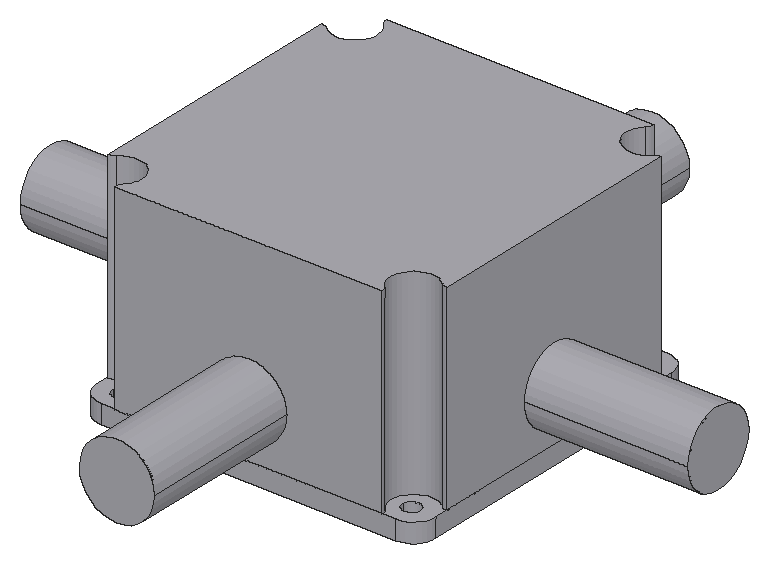
Revit family "Коробка соединительная", category Электрооборудование, Revit 2019
Family settings
  Конфигурация панели = Два столбца, слева направо
  Размер круглого соединителя = Использовать диаметр
  Тип детали = Щит
  Номер OmniClass = 23.85.50.17
  Заголовок OmniClass = Communication and Data Processing Equipment
  На основе рабочей плоскости = Нет
  Всегда вертикально = Да
  При загрузке вырезать с полостями = Нет
  Общий = Нет
  Точка расчета площади = Нет
Parameters (values of type "МКС «МОРОЗ» с вводами")
  Цвет = Металл
  Смещение УГО по горизонтали [instance] = if((2000 mm - Сдвиг УГО по горизонтали) < 0 mm, 0 mm, 2000 mm - Сдвиг УГО по горизонтали)  # 2000 mm
  Смещение УГО по вертикали [instance] = if((2000 mm - Сдвиг УГО по вертикали) < 0 mm, 0 mm, 2000 mm - Сдвиг УГО по вертикали)  # 2000 mm
  Северленд = no
  Сдвиг УГО по горизонтали [instance] = 0 mm
  Сдвиг УГО по вертикали [instance] = 0 mm
  С выводами = yes
  Описание = "МКС «МОРОЗ» IP66/IP68 с 2-мя пластиковыми вводами, корпус из алюминиевого сплава"
  Мороз = not(Северленд)  # yes
  Изготовитель = [ADSK_Завод-изготовитель]  # "НПП «МАГНИТО-КОНТАКТ»"
  URL = "https://m-kontakt.ru/produkt/kommutacyonnye/mks_moroz"
  ADSK_Наименование = "МКС «МОРОЗ» IP66/IP68 с пластиковыми вводами"
  ADSK_Масса = 0.49
  ADSK_Код изделия = "00-00005377"
  ADSK_Завод-изготовитель = "НПП «МАГНИТО-КОНТАКТ»"  # constant formula
  ADSK_Единица измерения = "шт."  # constant formula
Types (4, lengths in mm): name | Северленд | С выводами | Описание | Мороз | URL | ADSK_Наименование | ADSK_Масса | ADSK_Код изделия
  МКС «МОРОЗ» глухая | no | no | "МКС «МОРОЗ» IP66/IP68 \"глухая\", корпус из алюминиевого сплава." | yes | "https://m-kontakt.ru/produkt/kommutacyonnye/mks_moroz" | "МКС «МОРОЗ»" | 0.47 | "00-00005375"
  МКС «МОРОЗ» с вводами | no | yes | "МКС «МОРОЗ» IP66/IP68 с 2-мя пластиковыми вводами, корпус из алюминиевого сплава" | yes | "https://m-kontakt.ru/produkt/kommutacyonnye/mks_moroz" | "МКС «МОРОЗ» IP66/IP68 с пластиковыми вводами" | 0.49 | "00-00005377"
  Ех коробка металлическая «СЕВЕРЛЕНД» с резьбой | yes | no | "Маркировка взрывозащиты  1Ех db IIC T6...T3 Gb.   Корпус из алюминиевого сплава,С резьбой под 4 кабельных ввода ." | no | "https://m-kontakt.ru/produkt/kommutacyonnye/ex_box_metal" | "Ех коробка металлическая «СЕВЕРЛЕНД» с резьбой" | 1.26 | "00-00003797"
  Ех коробка металлическая «СЕВЕРЛЕНД» с вводами | yes | yes | "Маркировка взрывозащиты 1Ех db IIC T6...T3 Gb.  Корпус из алюминиевого сплава, с 4 кабельными вводами." | no | "https://m-kontakt.ru/produkt/kommutacyonnye/ex_box_metal" | "Ех коробка металлическая «СЕВЕРЛЕНД» с вводами" | 1.86 | "00-00005744"
Reference planes
  plane 1 "По центру (Вперед/Назад)": y = 0
  plane 2: z = 0
  plane 3 "По центру (Влево/Вправо)": x = 0
  plane 4: x = 2000
  plane 5: y = 2000
  plane 6: y = 0
  plane 7: x = 0
Forms (mm)
  Extrusion 1, solid, material "Металл" <- "Цвет", visible <- "Северленд", detail levels medium+fine
    sketch origin (132.009, 67.538, 2) x (1, 0, 0) y (0, 1, 0)
      loop
        arc (-156.512, -9.498) -> (-176.556, -22.99) -> (-190.048, -43.035) r 63
        line (-190.048, -43.035) -> (-190.048, -92.041)
        arc (-190.048, -92.041) -> (-176.556, -112.086) -> (-156.512, -125.578) r 63
        line (-156.512, -125.578) -> (-107.506, -125.578)
        arc (-107.506, -125.578) -> (-87.461, -112.086) -> (-73.969, -92.041) r 63
        line (-73.969, -92.041) -> (-73.969, -43.035)
        arc (-73.969, -43.035) -> (-87.461, -22.99) -> (-107.506, -9.498) r 63
        line (-107.506, -9.498) -> (-156.512, -9.498)
    from 0 to 85
  Extrusion 2, solid, material "Металл" <- "Цвет", visible <- "Северленд", detail levels medium+fine
    sketch origin (0, 12.718, 1219.2) x (0, -1, 0) y (0, 0, -1)
      loop
        line (32.718, 1194.7) -> (32.718, 1217.2) -> (-7.282, 1217.2) -> (-7.282, 1194.7)
        arc (-7.282, 1194.7) -> (12.718, 1174.7) -> (32.718, 1194.7) r 20
    from 58.04 to 70
  Extrusion 3, solid, material "Металл" <- "Цвет", visible <- "Мороз", detail levels medium+fine
    sketch origin (0.311, 0.12, 0) x (1, 0, 0) y (0, 1, 0)
      loop
        arc (38.689, -45.12) -> (42.932, -43.363) -> (44.689, -39.12) r 6
        line (44.689, -39.12) -> (44.689, 38.88)
        arc (44.689, 38.88) -> (42.932, 43.123) -> (38.689, 44.88) r 6
        line (38.689, 44.88) -> (-39.311, 44.88)
        arc (-39.311, 44.88) -> (-43.553, 43.123) -> (-45.311, 38.88) r 6
        line (-45.311, 38.88) -> (-45.311, -39.12)
        arc (-45.311, -39.12) -> (-43.553, -43.363) -> (-39.311, -45.12) r 6
        line (-39.311, -45.12) -> (38.689, -45.12)
    from 2 to 7
  Extrusion 4, solid, material "Металл" <- "Цвет", visible <- "Мороз", detail levels medium+fine
    sketch origin (0.311, 0.12, 0) x (1, 0, 0) y (0, 1, 0)
      loop
        arc (35.134, -45.12) -> (34.937, -44.13) -> (34.377, -43.292) r 2.586
        arc (34.377, -43.292) -> (34.468, -34.856) -> (42.904, -34.849) r 6
        arc (42.904, -34.849) -> (43.728, -35.379) -> (44.689, -35.565) r 2.586
        line (44.689, -35.565) -> (44.689, 35.325)
        arc (44.689, 35.325) -> (43.728, 35.14) -> (42.904, 34.61) r 2.586
        arc (42.904, 34.61) -> (34.468, 34.616) -> (34.377, 43.052) r 6
        arc (34.377, 43.052) -> (34.937, 43.891) -> (35.134, 44.88) r 2.586
        line (35.134, 44.88) -> (-35.756, 44.88)
        arc (-35.756, 44.88) -> (-35.559, 43.891) -> (-34.998, 43.052) r 2.586
        arc (-34.998, 43.052) -> (-35.089, 34.616) -> (-43.504, 34.589) r 6
        arc (-43.504, 34.589) -> (-44.335, 35.134) -> (-45.311, 35.325) r 2.586
        line (-45.311, 35.325) -> (-45.311, -35.565)
        arc (-45.311, -35.565) -> (-44.349, -35.379) -> (-43.525, -34.849) r 2.586
        arc (-43.525, -34.849) -> (-35.089, -34.856) -> (-34.998, -43.292) r 6
        arc (-34.998, -43.292) -> (-35.559, -44.13) -> (-35.756, -45.12) r 2.586
        line (-35.756, -45.12) -> (35.134, -45.12)
    from 7 to 60
  Extrusion 5, void
    sketch origin (0, 0, 2) x (1, 0, 0) y (0, 1, 0)
      loop
        circle (38.495, 38.997) r 2.399
      loop
        circle (-38.495, 38.997) r 2.399
      loop
        circle (-38.495, -38.997) r 2.399
      loop
        circle (38.495, -38.997) r 2.399
    from 5 to -2
  Extrusion 6, solid, material "Металл" <- "Цвет", visible <- "Северленд", detail levels medium+fine
    sketch origin (0, 12.718, 1219.2) x (0, -1, 0) y (0, 0, 1)
      loop
        arc (32.718, -1194.7) -> (12.718, -1174.7) -> (-7.282, -1194.7) r 20
        line (-7.282, -1194.7) -> (-7.282, -1217.2) -> (32.718, -1217.2) -> (32.718, -1194.7)
    from 58.04 to 70
  Extrusion 7, solid, material "Металл" <- "Цвет", visible <- "Северленд", detail levels medium+fine
    sketch origin (12.718, 0, 1219.2) x (-1, 0, 0) y (0, 0, 1)
      loop
        arc (32.718, -1194.7) -> (12.718, -1174.7) -> (-7.282, -1194.7) r 20
        line (-7.282, -1194.7) -> (-7.282, -1217.2) -> (32.718, -1217.2) -> (32.718, -1194.7)
    from 58.04 to 70
  Extrusion 8, solid, material "Металл" <- "Цвет", visible <- "Северленд", detail levels medium+fine
    sketch origin (12.718, 0, 1219.2) x (-1, 0, 0) y (0, 0, -1)
      loop
        line (32.718, 1194.7) -> (32.718, 1217.2) -> (-7.282, 1217.2) -> (-7.282, 1194.7)
        arc (-7.282, 1194.7) -> (12.718, 1174.7) -> (32.718, 1194.7) r 20
    from 58.04 to 70
  Extrusion 9, solid, material "Металл" <- "Цвет", visible <- "С выводами", detail levels medium+fine
    sketch origin (12.718, -70, 1219.2) x (-1, 0, 0) y (0, 0, -1)
      loop
        circle (12.718, 1197.624) r 10
    from -25 to 18.616
  Extrusion 10, solid, material "Металл" <- "Цвет", visible <- "С выводами", detail levels medium+fine
    sketch origin (12.718, 70, 1219.2) x (-1, 0, 0) y (0, 0, 1)
      loop
        circle (12.718, -1197.624) r 10
    from -25 to 18.616
  Extrusion 11, solid, material "Металл" <- "Цвет", visible <- "С выводами", detail levels medium+fine
    sketch origin (-70, 12.718, 1219.2) x (0, -1, 0) y (0, 0, 1)
      loop
        circle (12.718, -1197.624) r 10
    from -25 to 18.616
  Extrusion 12, solid, material "Металл" <- "Цвет", visible <- "С выводами", detail levels medium+fine
    sketch origin (70, 12.718, 1219.2) x (0, -1, 0) y (0, 0, -1)
      loop
        circle (12.718, 1197.624) r 10
    from -25 to 18.616
Cuts and joins
  Extrusion 5 cuts Extrusion 1
  Extrusion 5 cuts Extrusion 3
Dimensions and locks
  locked: plane 3 "По центру (Влево/Вправо)" to plane 4 at 2000
  "Смещение УГО по горизонтали": plane 7 to plane 4
  "Смещение УГО по вертикали": plane 5 to plane 6
  locked: plane 1 "По центру (Вперед/Назад)" to plane 5 at 2000
  aligned and locked: nested 1 to plane 6
  aligned and locked: nested 1 to plane 7
Automatic sketch dimensions
  Extrusion 1 sketch curve to Extrusion 1 sketch curve = 0 mm  (x12)
  plane 1 "По центру (Вперед/Назад)" to Extrusion 1 sketch curve = 0 mm
  Extrusion 1 sketch curve to plane 3 "По центру (Влево/Вправо)" = 0 mm
  Extrusion 1 sketch curve to plane 3 "По центру (Влево/Вправо)" = 24.503 mm  (x2)
  Extrusion 1 sketch curve to plane 1 "По центру (Вперед/Назад)" = 24.503 mm  (x2)
  Extrusion 1 sketch curve to Extrusion 1 sketch curve = 33.537 mm
  plane 3 "По центру (Влево/Вправо)" to Extrusion 1 sketch curve = 24.503 mm  (x2)
  plane 1 "По центру (Вперед/Назад)" to Extrusion 1 sketch curve = 24.503 mm
  Extrusion 2 sketch curve to plane 1 "По центру (Вперед/Назад)" = 0 mm
  level to Extrusion 2 sketch curve = 2 mm
  Extrusion 2 sketch curve to plane 1 "По центру (Вперед/Назад)" = 20 mm
  Extrusion 2 sketch curve to Extrusion 2 sketch curve = 22.5 mm
  Extrusion 2 sketch curve to Extrusion 2 sketch curve = 0 mm
  Extrusion 3 sketch curve to plane 3 "По центру (Влево/Вправо)" = 45 mm
  Extrusion 3 sketch curve to Extrusion 3 sketch curve = 6 mm  (x3)
  plane 3 "По центру (Влево/Вправо)" to Extrusion 3 sketch curve = 39 mm  (x2)
  plane 1 "По центру (Вперед/Назад)" to Extrusion 3 sketch curve = 45 mm
  Extrusion 3 sketch curve to plane 1 "По центру (Вперед/Назад)" = 39 mm
  Extrusion 4 sketch curve to plane 3 "По центру (Влево/Вправо)" = 45 mm
  Extrusion 4 sketch curve to Extrusion 4 sketch curve = 6 mm  (x6)
  Extrusion 4 sketch curve to Extrusion 4 sketch curve = 3.555 mm  (x8)
  Extrusion 4 sketch curve to Extrusion 4 sketch curve = 2.586 mm  (x8)
  plane 3 "По центру (Влево/Вправо)" to Extrusion 4 sketch curve = 32.859 mm  (x2)
  plane 1 "По центру (Вперед/Назад)" to Extrusion 4 sketch curve = 45 mm
  Extrusion 4 sketch curve to plane 1 "По центру (Вперед/Назад)" = 32.859 mm  (x2)
  Extrusion 4 sketch curve to Extrusion 4 sketch curve = 1.785 mm  (x2)
  Extrusion 4 sketch curve to Extrusion 4 sketch curve = 0.022 mm
  Extrusion 4 sketch curve to Extrusion 4 sketch curve = 0.757 mm  (x2)
  Extrusion 5 sketch curve to plane 3 "По центру (Влево/Вправо)" = 38.495 mm  (x2)
  plane 3 "По центру (Влево/Вправо)" to Extrusion 5 sketch curve = 38.495 mm  (x2)
  plane 1 "По центру (Вперед/Назад)" to Extrusion 5 sketch curve = 38.997 mm  (x2)
  Extrusion 5 sketch curve to plane 1 "По центру (Вперед/Назад)" = 38.997 mm  (x2)
  Extrusion 6 sketch curve to plane 1 "По центру (Вперед/Назад)" = 0 mm
  level to Extrusion 6 sketch curve = 2 mm
  Extrusion 6 sketch curve to plane 1 "По центру (Вперед/Назад)" = 20 mm
  level to Extrusion 6 sketch curve = 24.5 mm
  Extrusion 6 sketch curve to Extrusion 6 sketch curve = 0 mm
  Extrusion 7 sketch curve to plane 3 "По центру (Влево/Вправо)" = 0 mm
  level to Extrusion 7 sketch curve = 2 mm
  plane 3 "По центру (Влево/Вправо)" to Extrusion 7 sketch curve = 20 mm
  level to Extrusion 7 sketch curve = 24.5 mm
  Extrusion 7 sketch curve to Extrusion 7 sketch curve = 0 mm
  Extrusion 8 sketch curve to plane 3 "По центру (Влево/Вправо)" = 0 mm
  level to Extrusion 8 sketch curve = 2 mm
  plane 3 "По центру (Влево/Вправо)" to Extrusion 8 sketch curve = 20 mm
  Extrusion 8 sketch curve to Extrusion 8 sketch curve = 22.5 mm
  Extrusion 8 sketch curve to Extrusion 8 sketch curve = 0 mm
  Extrusion 9 sketch curve to Extrusion 8 = 20 mm
  Extrusion 9 sketch curve to Extrusion 8 = 19.576 mm
  Extrusion 10 sketch curve to plane 3 "По центру (Влево/Вправо)" = 0 mm
  level to Extrusion 10 sketch curve = 21.576 mm
  Extrusion 11 sketch curve to plane 1 "По центру (Вперед/Назад)" = 0 mm
  level to Extrusion 11 sketch curve = 21.576 mm
  Extrusion 12 sketch curve to plane 1 "По центру (Вперед/Назад)" = 0 mm
  level to Extrusion 12 sketch curve = 21.576 mm
  radius of Extrusion 5 sketch curve = 2.399 mm  (x4)
  radius of Extrusion 9 sketch curve = 10 mm
  radius of Extrusion 10 sketch curve = 10 mm
  radius of Extrusion 11 sketch curve = 10 mm
  radius of Extrusion 12 sketch curve = 10 mm
Nested families
  nested 1: "УГО_коробка_осветительная" at (0, 0, 0), type "УГО_коробка_осветительная", detail levels coarse
Definition of nested family "УГО_коробка_осветительная"
  Reference planes
    plane 1: y = 0
    plane 2: x = 0
  Lines and regions (mm)
    detail lines
      curve 1: circle (0, 0, 0) r 2.5 normal (0, 0, 1)
      curve 2: line (-3.5, 0, 0) -> (3.5, 0, 0)
      curve 3: line (0, 0, 0) -> (0, -3.509, 0)
